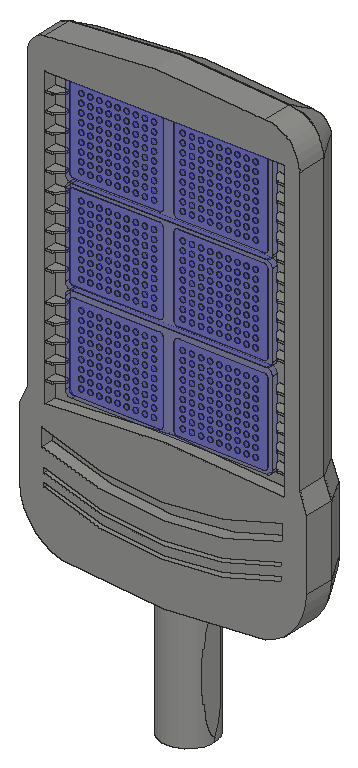
Revit family "VP-3-MAF", category Lighting Fixtures, host Face, Revit 2019 (continued)
Definition of nested family "SIZE3-MAF"
  Forms (in)
    Extrusion 49, void
      sketch origin (0, 0, 3.625) x (1, 0, 0) y (0, 0, 1)
        loop
          arc (6.73035, 7.45243) -> (-0.06706, 6.16477) -> (-6.85535, 7.49972) r 18.25
      from 1 to 1.75
    Blend 50, solid, material <- "Fixture"
      base sketch origin (0, 0, 0) x (1, 0, 0) y (0, 0, 1)
        loop
          arc (-6.75192, 33.95884) -> (-7.48558, 33.52919) -> (-7.77472, 32.72966) r 1.25
          line (-7.77472, 32.72966) -> (-7.77472, 15.72202) -> (-8.18, 14.67799) -> (-8.18, 10.64521)
          arc (-8.18, 10.64521) -> (-7.52407, 8.68733) -> (-5.82104, 7.51974) r 3.25
          arc (-5.82104, 7.51974) -> (-2.92086, 7.15165) -> (0, 7.02866) r 34.74571
          arc (0, 7.02866) -> (2.92086, 7.15165) -> (5.82104, 7.51974) r 34.74571
          arc (5.82104, 7.51974) -> (7.52407, 8.68733) -> (8.18, 10.64521) r 3.25
          line (8.18, 10.64521) -> (8.18, 14.67799) -> (7.7425, 15.80502) -> (7.7425, 32.05879)
          arc (7.7425, 32.05879) -> (7.16964, 33.45997) -> (5.77922, 34.05846) r 2
          arc (5.77922, 34.05846) -> (-0.48981, 34.44343) -> (-6.75192, 33.95884) r 45.36519
      top sketch origin (0, 0, 0) x (1, 0, 0) y (0, 0, 1)
        loop
          arc (5.71398, 33.05839) -> (-0.43659, 33.4438) -> (-6.58122, 32.97319) r 44.36519
          arc (-6.58122, 32.97319) -> (-6.72046, 32.88519) -> (-6.77472, 32.72966) r 0.25
          line (-6.77472, 32.72966) -> (-6.77472, 15.53474) -> (-7.18, 14.49071) -> (-7.18, 10.64521)
          arc (-7.18, 10.64521) -> (-6.74089, 9.30985) -> (-5.59495, 8.49571) r 2.25
          arc (-5.59495, 8.49571) -> (-2.89422, 8.15301) -> (-0.17465, 8.02912) r 33.74571
          arc (-0.17465, 8.02912) -> (2.72017, 8.13848) -> (5.59495, 8.49571) r 33.74571
          arc (5.59495, 8.49571) -> (6.74089, 9.30985) -> (7.18, 10.64521) r 2.25
          line (7.18, 10.64521) -> (7.18, 14.49071) -> (6.7425, 15.61774) -> (6.7425, 32.05879)
          arc (6.7425, 32.05879) -> (6.43945, 32.77591) -> (5.71398, 33.05839) r 1
      from 0 to -1.74
    Extrusion 51, solid, material <- "Fixture"
      sketch origin (0, 0, 0) x (1, 0, 0) y (0, 1, 0)
        loop
          circle (0, 0) r 1.5
      from 0 to 8
    Extrusion 52, void
      sketch origin (0, 0, 1.25) x (1, 0, 0) y (0, 0, 1)
        loop
          arc (-1.54404, -1.4532) -> (-1.33574, 2.31764) -> (-1.54404, 6.08847) r 34.2354
          line (-1.54404, 6.08847) -> (-1.54404, -1.4532)
        loop
          line (1.54404, -1.4532) -> (1.54404, 6.08847)
          arc (1.54404, 6.08847) -> (1.33574, 2.31764) -> (1.54404, -1.4532) r 34.2354
      from -0.74694 to 0.66769
  Cuts and joins
    Extrusion 3, Extrusion 49 cuts Extrusion 2
    Extrusion 52 cuts Extrusion 51
  Dimensions and locks (in)
    equal spacing: plane 4, plane 3 "Center (Left/Right)", plane 5
    "Width": plane 4 to plane 5
    "Length": plane 7 to plane 6
    "Mount Length": plane 6 to plane 2
    aligned and locked: plane 2 to Extrusion 1
    aligned and locked: level to Extrusion 1
    aligned and locked: plane 1 "Center (Front/Back)" to Blend 50
  Automatic sketch dimensions
    Extrusion 1 sketch curve to Extrusion 1 sketch curve = 96.00"  (x2)
    Extrusion 2 sketch curve to plane 3 "Center (Left/Right)" = 0.00"
    Extrusion 2 sketch curve to plane 3 "Center (Left/Right)" = 0.12919"
    plane 5 to Extrusion 2 sketch curve = 3.125"
    plane 5 to Extrusion 2 sketch curve = 1.53028"
    plane 5 to Extrusion 2 sketch curve = 0.28028"
    Extrusion 2 sketch curve to plane 5 = 0.125"
    Extrusion 2 sketch curve to plane 4 = 3.125"
    Extrusion 2 sketch curve to plane 4 = 2.3125"
    Extrusion 2 sketch curve to plane 4 = 0.3125"
    plane 4 to Extrusion 2 sketch curve = 0.125"
    Extrusion 2 sketch curve to level = 10.92033"
    plane 6 to Extrusion 2 sketch curve = 3.14521"
    Extrusion 2 sketch curve to Extrusion 2 sketch curve = 0.00"
    Extrusion 2 sketch curve to Extrusion 2 sketch curve = 4.03278"  (x2)
    Extrusion 2 sketch curve to Extrusion 2 sketch curve = 1.04403"
    Extrusion 2 sketch curve to Extrusion 2 sketch curve = 1.12703"
    Extrusion 2 sketch curve to plane 7 = 2.41121"
    Extrusion 2 sketch curve to Extrusion 2 sketch curve = 0.67087"
    plane 7 to Extrusion 2 sketch curve = 7.30438"
    plane 6 to Extrusion 2 sketch curve = 0.01974"
    Extrusion 2 sketch curve to plane 7 = 0.51116"
    plane 5 to Extrusion 3 sketch curve = 1.27892"
    plane 3 "Center (Left/Right)" to Extrusion 3 sketch curve = 0.06506"
    Extrusion 3 sketch curve to plane 4 = 1.125"
    Extrusion 3 sketch curve to level = 39.4018"
    plane 6 to Extrusion 3 sketch curve = 7.63674"
    Extrusion 3 sketch curve to plane 7 = 2.31818"
    plane 5 to Extrusion 4 sketch curve = 2.15013"
    Extrusion 4 sketch curve to Extrusion 4 sketch curve = 0.35"  (x3)
    Extrusion 4 sketch curve to plane 4 = 2.50013"  (x2)
    Extrusion 4 sketch curve to plane 7 = 7.81818"
    Extrusion 4 sketch curve to plane 7 = 2.66818"
    plane 5 to Extrusion 5 sketch curve = 3.08171"
    Extrusion 5 sketch curve to Extrusion 5 sketch curve = 0.00"  (x61)
    Extrusion 5 sketch curve to Extrusion 5 sketch curve = 0.51875"  (x27)
    Extrusion 5 sketch curve to plane 7 = 7.01806"
    Extrusion 5 sketch curve to Extrusion 5 sketch curve = 0.50"  (x72)
    plane 5 to Extrusion 6 sketch curve = 2.39345"
    Extrusion 6 sketch curve to Extrusion 6 sketch curve = 0.25"  (x3)
    Extrusion 6 sketch curve to plane 3 "Center (Left/Right)" = 0.54655"  (x2)
    Extrusion 6 sketch curve to plane 7 = 7.5141"
    Extrusion 6 sketch curve to plane 7 = 2.7641"
    Extrusion 7 sketch curve to plane 4 = 1.99807"
    Extrusion 7 sketch curve to plane 8 = 0.46661"
    Extrusion 7 sketch curve to Extrusion 7 sketch curve = 0.02618"
    Extrusion 7 sketch curve to Extrusion 7 sketch curve = 0.1119"
    Extrusion 7 sketch curve to plane 8 = 0.03691"
    Extrusion 7 sketch curve to Extrusion 7 sketch curve = 0.36056"
    Extrusion 7 sketch curve to plane 8 = 0.00781"
    Extrusion 7 sketch curve to Extrusion 7 sketch curve = 0.06241"
    Extrusion 7 sketch curve to Extrusion 7 sketch curve = 0.42393"
    Extrusion 7 sketch curve to Extrusion 7 sketch curve = 0.73219"
    plane 4 to Extrusion 8 sketch curve = 3.08171"
    Extrusion 8 sketch curve to Extrusion 8 sketch curve = 0.00"  (x61)
    Extrusion 8 sketch curve to Extrusion 8 sketch curve = 0.51875"  (x27)
    plane 7 to Extrusion 8 sketch curve = 7.01806"
    Extrusion 8 sketch curve to Extrusion 8 sketch curve = 0.50"  (x72)
    plane 4 to Extrusion 9 sketch curve = 2.39345"
    Extrusion 9 sketch curve to Extrusion 9 sketch curve = 0.25"  (x3)
    Extrusion 9 sketch curve to plane 3 "Center (Left/Right)" = 0.54655"  (x2)
    plane 7 to Extrusion 9 sketch curve = 7.5141"
    plane 7 to Extrusion 9 sketch curve = 2.7641"
    plane 5 to Extrusion 10 sketch curve = 2.15013"
    Extrusion 10 sketch curve to Extrusion 10 sketch curve = 0.35"  (x3)
    Extrusion 10 sketch curve to plane 4 = 2.50013"  (x2)
    Extrusion 10 sketch curve to plane 7 = 13.31818"
    Extrusion 10 sketch curve to Extrusion 10 sketch curve = 4.80"
    plane 5 to Extrusion 11 sketch curve = 3.08171"
    Extrusion 11 sketch curve to Extrusion 11 sketch curve = 0.00"  (x61)
    Extrusion 11 sketch curve to Extrusion 11 sketch curve = 0.51875"  (x27)
    Extrusion 11 sketch curve to plane 7 = 12.51806"
    Extrusion 11 sketch curve to Extrusion 11 sketch curve = 0.50"  (x72)
    plane 5 to Extrusion 12 sketch curve = 2.39345"
    Extrusion 12 sketch curve to Extrusion 12 sketch curve = 0.25"  (x3)
    Extrusion 12 sketch curve to plane 3 "Center (Left/Right)" = 0.54655"  (x2)
    Extrusion 12 sketch curve to plane 7 = 13.0141"
    Extrusion 12 sketch curve to Extrusion 12 sketch curve = 4.50"
    plane 4 to Extrusion 13 sketch curve = 3.08171"
    Extrusion 13 sketch curve to Extrusion 13 sketch curve = 0.00"  (x61)
    Extrusion 13 sketch curve to Extrusion 13 sketch curve = 0.51875"  (x27)
    plane 7 to Extrusion 13 sketch curve = 12.51806"
    Extrusion 13 sketch curve to Extrusion 13 sketch curve = 0.50"  (x72)
    plane 4 to Extrusion 14 sketch curve = 2.39345"
    Extrusion 14 sketch curve to Extrusion 14 sketch curve = 0.25"  (x3)
    Extrusion 14 sketch curve to plane 3 "Center (Left/Right)" = 0.54655"  (x2)
    plane 7 to Extrusion 14 sketch curve = 13.0141"
    Extrusion 14 sketch curve to Extrusion 14 sketch curve = 4.50"
    Extrusion 15 sketch curve to plane 5 = 2.15013"
    Extrusion 15 sketch curve to Extrusion 15 sketch curve = 0.35"  (x3)
    plane 4 to Extrusion 15 sketch curve = 2.50013"  (x2)
    plane 7 to Extrusion 15 sketch curve = 13.31818"
    Extrusion 15 sketch curve to Extrusion 15 sketch curve = 4.80"
    Extrusion 16 sketch curve to plane 5 = 3.08171"
    Extrusion 16 sketch curve to Extrusion 16 sketch curve = 0.00"  (x61)
    Extrusion 16 sketch curve to Extrusion 16 sketch curve = 0.51875"  (x27)
    Extrusion 16 sketch curve to plane 6 = 12.8517"
    Extrusion 16 sketch curve to Extrusion 16 sketch curve = 0.50"  (x72)
    Extrusion 17 sketch curve to plane 5 = 2.39345"
    Extrusion 17 sketch curve to Extrusion 17 sketch curve = 0.25"  (x3)
    plane 3 "Center (Left/Right)" to Extrusion 17 sketch curve = 0.54655"  (x2)
    Extrusion 17 sketch curve to plane 6 = 13.34775"
    Extrusion 17 sketch curve to Extrusion 17 sketch curve = 4.50"
    Extrusion 18 sketch curve to plane 4 = 3.08171"
    Extrusion 18 sketch curve to Extrusion 18 sketch curve = 0.00"  (x61)
    Extrusion 18 sketch curve to Extrusion 18 sketch curve = 0.51875"  (x27)
    plane 6 to Extrusion 18 sketch curve = 12.8517"
    Extrusion 18 sketch curve to Extrusion 18 sketch curve = 0.50"  (x72)
    Extrusion 19 sketch curve to plane 4 = 2.39345"
    Extrusion 19 sketch curve to Extrusion 19 sketch curve = 0.25"  (x3)
    plane 3 "Center (Left/Right)" to Extrusion 19 sketch curve = 0.54655"  (x2)
    plane 6 to Extrusion 19 sketch curve = 13.34775"
    Extrusion 19 sketch curve to Extrusion 19 sketch curve = 4.50"
    Extrusion 20 sketch curve to plane 4 = 1.99807"
    Extrusion 20 sketch curve to plane 8 = 0.46661"
    Extrusion 20 sketch curve to Extrusion 20 sketch curve = 0.02618"
    Extrusion 20 sketch curve to Extrusion 20 sketch curve = 0.1119"
    Extrusion 20 sketch curve to plane 8 = 0.03691"
    Extrusion 20 sketch curve to Extrusion 20 sketch curve = 0.36056"
    Extrusion 20 sketch curve to plane 8 = 0.00781"
    Extrusion 20 sketch curve to Extrusion 20 sketch curve = 0.06241"
    Extrusion 20 sketch curve to Extrusion 20 sketch curve = 0.42393"
    Extrusion 20 sketch curve to Extrusion 20 sketch curve = 0.73219"
    Extrusion 21 sketch curve to plane 4 = 1.99807"
    Extrusion 21 sketch curve to plane 8 = 0.46661"
    Extrusion 21 sketch curve to Extrusion 21 sketch curve = 0.02618"
    Extrusion 21 sketch curve to Extrusion 21 sketch curve = 0.1119"
    Extrusion 21 sketch curve to plane 8 = 0.03691"
    Extrusion 21 sketch curve to Extrusion 21 sketch curve = 0.36056"
    Extrusion 21 sketch curve to plane 8 = 0.00781"
    Extrusion 21 sketch curve to Extrusion 21 sketch curve = 0.06241"
    Extrusion 21 sketch curve to Extrusion 21 sketch curve = 0.42393"
    Extrusion 21 sketch curve to Extrusion 21 sketch curve = 0.73219"
    Extrusion 22 sketch curve to plane 4 = 1.99807"
    Extrusion 22 sketch curve to plane 8 = 0.46661"
    Extrusion 22 sketch curve to Extrusion 22 sketch curve = 0.02618"
    Extrusion 22 sketch curve to Extrusion 22 sketch curve = 0.1119"
    Extrusion 22 sketch curve to plane 8 = 0.03691"
    Extrusion 22 sketch curve to Extrusion 22 sketch curve = 0.36056"
    Extrusion 22 sketch curve to plane 8 = 0.00781"
    Extrusion 22 sketch curve to Extrusion 22 sketch curve = 0.06241"
    Extrusion 22 sketch curve to Extrusion 22 sketch curve = 0.42393"
    Extrusion 22 sketch curve to Extrusion 22 sketch curve = 0.73219"
    Extrusion 23 sketch curve to plane 4 = 1.99807"
    Extrusion 23 sketch curve to plane 8 = 0.46661"
    Extrusion 23 sketch curve to Extrusion 23 sketch curve = 0.02618"
    Extrusion 23 sketch curve to Extrusion 23 sketch curve = 0.1119"
    Extrusion 23 sketch curve to plane 8 = 0.03691"
    Extrusion 23 sketch curve to Extrusion 23 sketch curve = 0.36056"
    Extrusion 23 sketch curve to plane 8 = 0.00781"
    Extrusion 23 sketch curve to Extrusion 23 sketch curve = 0.06241"
    Extrusion 23 sketch curve to Extrusion 23 sketch curve = 0.42393"
    Extrusion 23 sketch curve to Extrusion 23 sketch curve = 0.73219"
    Extrusion 24 sketch curve to plane 4 = 1.99807"
    Extrusion 24 sketch curve to plane 8 = 0.46661"
    Extrusion 24 sketch curve to Extrusion 24 sketch curve = 0.02618"
    Extrusion 24 sketch curve to Extrusion 24 sketch curve = 0.1119"
    Extrusion 24 sketch curve to plane 8 = 0.03691"
    Extrusion 24 sketch curve to Extrusion 24 sketch curve = 0.36056"
    Extrusion 24 sketch curve to plane 8 = 0.00781"
    Extrusion 24 sketch curve to Extrusion 24 sketch curve = 0.06241"
    Extrusion 24 sketch curve to Extrusion 24 sketch curve = 0.42393"
    Extrusion 24 sketch curve to Extrusion 24 sketch curve = 0.73219"
    Extrusion 25 sketch curve to plane 4 = 1.99807"
    Extrusion 25 sketch curve to plane 8 = 0.46661"
    Extrusion 25 sketch curve to Extrusion 25 sketch curve = 0.02618"
    Extrusion 25 sketch curve to Extrusion 25 sketch curve = 0.1119"
    Extrusion 25 sketch curve to plane 8 = 0.03691"
    Extrusion 25 sketch curve to Extrusion 25 sketch curve = 0.36056"
    Extrusion 25 sketch curve to plane 8 = 0.00781"
    Extrusion 25 sketch curve to Extrusion 25 sketch curve = 0.06241"
    Extrusion 25 sketch curve to Extrusion 25 sketch curve = 0.42393"
    Extrusion 25 sketch curve to Extrusion 25 sketch curve = 0.73219"
    Extrusion 26 sketch curve to plane 4 = 1.99807"
    Extrusion 26 sketch curve to plane 8 = 0.46661"
    Extrusion 26 sketch curve to Extrusion 26 sketch curve = 0.02618"
    Extrusion 26 sketch curve to Extrusion 26 sketch curve = 0.1119"
    Extrusion 26 sketch curve to plane 8 = 0.03691"
    Extrusion 26 sketch curve to Extrusion 26 sketch curve = 0.36056"
    Extrusion 26 sketch curve to plane 8 = 0.00781"
    Extrusion 26 sketch curve to Extrusion 26 sketch curve = 0.06241"
    Extrusion 26 sketch curve to Extrusion 26 sketch curve = 0.42393"
    Extrusion 26 sketch curve to Extrusion 26 sketch curve = 0.73219"
    Extrusion 27 sketch curve to plane 4 = 1.99807"
    Extrusion 27 sketch curve to plane 8 = 0.46661"
    Extrusion 27 sketch curve to Extrusion 27 sketch curve = 0.02618"
    Extrusion 27 sketch curve to Extrusion 27 sketch curve = 0.1119"
    Extrusion 27 sketch curve to plane 8 = 0.03691"
    Extrusion 27 sketch curve to Extrusion 27 sketch curve = 0.36056"
    Extrusion 27 sketch curve to plane 8 = 0.00781"
    Extrusion 27 sketch curve to Extrusion 27 sketch curve = 0.06241"
    Extrusion 27 sketch curve to Extrusion 27 sketch curve = 0.42393"
    Extrusion 27 sketch curve to Extrusion 27 sketch curve = 0.73219"
    Extrusion 28 sketch curve to plane 4 = 1.99807"
    Extrusion 28 sketch curve to plane 8 = 0.46661"
    Extrusion 28 sketch curve to Extrusion 28 sketch curve = 0.02618"
    Extrusion 28 sketch curve to Extrusion 28 sketch curve = 0.1119"
    Extrusion 28 sketch curve to plane 8 = 0.03691"
    Extrusion 28 sketch curve to Extrusion 28 sketch curve = 0.36056"
    Extrusion 28 sketch curve to plane 8 = 0.00781"
    Extrusion 28 sketch curve to Extrusion 28 sketch curve = 0.06241"
    Extrusion 28 sketch curve to Extrusion 28 sketch curve = 0.42393"
    Extrusion 28 sketch curve to Extrusion 28 sketch curve = 0.73219"
    Extrusion 29 sketch curve to plane 4 = 1.99807"
    Extrusion 29 sketch curve to plane 8 = 0.46661"
    Extrusion 29 sketch curve to Extrusion 29 sketch curve = 0.02618"
    Extrusion 29 sketch curve to Extrusion 29 sketch curve = 0.1119"
    Extrusion 29 sketch curve to plane 8 = 0.03691"
    Extrusion 29 sketch curve to Extrusion 29 sketch curve = 0.36056"
    Extrusion 29 sketch curve to plane 8 = 0.00781"
    Extrusion 29 sketch curve to Extrusion 29 sketch curve = 0.06241"
    Extrusion 29 sketch curve to Extrusion 29 sketch curve = 0.42393"
    Extrusion 29 sketch curve to Extrusion 29 sketch curve = 0.73219"
    Extrusion 30 sketch curve to plane 4 = 1.99807"
    Extrusion 30 sketch curve to plane 8 = 0.46661"
    Extrusion 30 sketch curve to Extrusion 30 sketch curve = 0.02618"
    Extrusion 30 sketch curve to Extrusion 30 sketch curve = 0.1119"
    Extrusion 30 sketch curve to plane 8 = 0.03691"
    Extrusion 30 sketch curve to Extrusion 30 sketch curve = 0.36056"
    Extrusion 30 sketch curve to plane 8 = 0.00781"
    Extrusion 30 sketch curve to Extrusion 30 sketch curve = 0.06241"
    Extrusion 30 sketch curve to Extrusion 30 sketch curve = 0.42393"
    Extrusion 30 sketch curve to Extrusion 30 sketch curve = 0.73219"
    Extrusion 31 sketch curve to plane 4 = 1.99807"
    Extrusion 31 sketch curve to plane 8 = 0.46661"
    Extrusion 31 sketch curve to Extrusion 31 sketch curve = 0.02618"
    Extrusion 31 sketch curve to Extrusion 31 sketch curve = 0.1119"
    Extrusion 31 sketch curve to plane 8 = 0.03691"
    Extrusion 31 sketch curve to Extrusion 31 sketch curve = 0.36056"
    Extrusion 31 sketch curve to plane 8 = 0.00781"
    Extrusion 31 sketch curve to Extrusion 31 sketch curve = 0.06241"
    Extrusion 31 sketch curve to Extrusion 31 sketch curve = 0.42393"
    Extrusion 31 sketch curve to Extrusion 31 sketch curve = 0.73219"
    Extrusion 32 sketch curve to plane 4 = 1.99807"
    Extrusion 32 sketch curve to plane 8 = 0.46661"
    Extrusion 32 sketch curve to Extrusion 32 sketch curve = 0.02618"
    Extrusion 32 sketch curve to Extrusion 32 sketch curve = 0.1119"
    Extrusion 32 sketch curve to plane 8 = 0.03691"
    Extrusion 32 sketch curve to Extrusion 32 sketch curve = 0.36056"
    Extrusion 32 sketch curve to plane 8 = 0.00781"
    Extrusion 32 sketch curve to Extrusion 32 sketch curve = 0.06241"
    Extrusion 32 sketch curve to Extrusion 32 sketch curve = 0.42393"
    Extrusion 32 sketch curve to Extrusion 32 sketch curve = 0.73219"
    Extrusion 33 sketch curve to plane 4 = 1.99807"
    Extrusion 33 sketch curve to plane 8 = 0.46661"
    Extrusion 33 sketch curve to Extrusion 33 sketch curve = 0.02618"
    Extrusion 33 sketch curve to Extrusion 33 sketch curve = 0.1119"
    Extrusion 33 sketch curve to plane 8 = 0.03691"
    Extrusion 33 sketch curve to Extrusion 33 sketch curve = 0.36056"
    Extrusion 33 sketch curve to plane 8 = 0.00781"
    Extrusion 33 sketch curve to Extrusion 33 sketch curve = 0.06241"
    Extrusion 33 sketch curve to Extrusion 33 sketch curve = 0.42393"
    Extrusion 33 sketch curve to Extrusion 33 sketch curve = 0.73219"
    plane 5 to Extrusion 34 sketch curve = 2.1387"
    Extrusion 34 sketch curve to plane 8 = 0.46661"
    Extrusion 34 sketch curve to Extrusion 34 sketch curve = 0.02618"
    Extrusion 34 sketch curve to Extrusion 34 sketch curve = 0.1119"
    Extrusion 34 sketch curve to plane 8 = 0.03691"
    Extrusion 34 sketch curve to Extrusion 34 sketch curve = 0.36056"
    Extrusion 34 sketch curve to plane 8 = 0.00781"
    Extrusion 34 sketch curve to Extrusion 34 sketch curve = 0.06241"
    Extrusion 34 sketch curve to Extrusion 34 sketch curve = 0.42393"
    Extrusion 34 sketch curve to Extrusion 34 sketch curve = 0.20146"
    plane 5 to Extrusion 35 sketch curve = 2.1387"
    Extrusion 35 sketch curve to plane 8 = 0.46661"
    Extrusion 35 sketch curve to Extrusion 35 sketch curve = 0.02618"
    Extrusion 35 sketch curve to Extrusion 35 sketch curve = 0.1119"
    Extrusion 35 sketch curve to plane 8 = 0.03691"
    Extrusion 35 sketch curve to Extrusion 35 sketch curve = 0.36056"
    Extrusion 35 sketch curve to plane 8 = 0.00781"
    Extrusion 35 sketch curve to Extrusion 35 sketch curve = 0.06241"
    Extrusion 35 sketch curve to Extrusion 35 sketch curve = 0.42393"
    Extrusion 35 sketch curve to Extrusion 35 sketch curve = 0.20146"
    plane 5 to Extrusion 36 sketch curve = 2.1387"
    Extrusion 36 sketch curve to plane 8 = 0.46661"
    Extrusion 36 sketch curve to Extrusion 36 sketch curve = 0.02618"
    Extrusion 36 sketch curve to Extrusion 36 sketch curve = 0.1119"
    Extrusion 36 sketch curve to plane 8 = 0.03691"
    Extrusion 36 sketch curve to Extrusion 36 sketch curve = 0.36056"
    Extrusion 36 sketch curve to plane 8 = 0.00781"
    Extrusion 36 sketch curve to Extrusion 36 sketch curve = 0.06241"
    Extrusion 36 sketch curve to Extrusion 36 sketch curve = 0.42393"
    Extrusion 36 sketch curve to Extrusion 36 sketch curve = 0.20146"
    plane 5 to Extrusion 37 sketch curve = 2.1387"
    Extrusion 37 sketch curve to plane 8 = 0.46661"
    Extrusion 37 sketch curve to Extrusion 37 sketch curve = 0.02618"
    Extrusion 37 sketch curve to Extrusion 37 sketch curve = 0.1119"
    Extrusion 37 sketch curve to plane 8 = 0.03691"
    Extrusion 37 sketch curve to Extrusion 37 sketch curve = 0.36056"
    Extrusion 37 sketch curve to plane 8 = 0.00781"
    Extrusion 37 sketch curve to Extrusion 37 sketch curve = 0.06241"
    Extrusion 37 sketch curve to Extrusion 37 sketch curve = 0.42393"
    Extrusion 37 sketch curve to Extrusion 37 sketch curve = 0.20146"
    plane 5 to Extrusion 38 sketch curve = 2.1387"
    Extrusion 38 sketch curve to plane 8 = 0.46661"
    Extrusion 38 sketch curve to Extrusion 38 sketch curve = 0.02618"
    Extrusion 38 sketch curve to Extrusion 38 sketch curve = 0.1119"
    Extrusion 38 sketch curve to plane 8 = 0.03691"
    Extrusion 38 sketch curve to Extrusion 38 sketch curve = 0.36056"
    Extrusion 38 sketch curve to plane 8 = 0.00781"
    Extrusion 38 sketch curve to Extrusion 38 sketch curve = 0.06241"
    Extrusion 38 sketch curve to Extrusion 38 sketch curve = 0.42393"
    Extrusion 38 sketch curve to Extrusion 38 sketch curve = 0.20146"
    plane 5 to Extrusion 39 sketch curve = 2.1387"
    Extrusion 39 sketch curve to plane 8 = 0.46661"
    Extrusion 39 sketch curve to Extrusion 39 sketch curve = 0.02618"
    Extrusion 39 sketch curve to Extrusion 39 sketch curve = 0.1119"
    Extrusion 39 sketch curve to plane 8 = 0.03691"
    Extrusion 39 sketch curve to Extrusion 39 sketch curve = 0.36056"
    Extrusion 39 sketch curve to plane 8 = 0.00781"
    Extrusion 39 sketch curve to Extrusion 39 sketch curve = 0.06241"
    Extrusion 39 sketch curve to Extrusion 39 sketch curve = 0.42393"
    Extrusion 39 sketch curve to Extrusion 39 sketch curve = 0.20146"
    plane 5 to Extrusion 40 sketch curve = 2.1387"
    Extrusion 40 sketch curve to plane 8 = 0.46661"
    Extrusion 40 sketch curve to Extrusion 40 sketch curve = 0.02618"
    Extrusion 40 sketch curve to Extrusion 40 sketch curve = 0.1119"
    Extrusion 40 sketch curve to plane 8 = 0.03691"
    Extrusion 40 sketch curve to Extrusion 40 sketch curve = 0.36056"
    Extrusion 40 sketch curve to plane 8 = 0.00781"
    Extrusion 40 sketch curve to Extrusion 40 sketch curve = 0.06241"
    Extrusion 40 sketch curve to Extrusion 40 sketch curve = 0.42393"
    Extrusion 40 sketch curve to Extrusion 40 sketch curve = 0.20146"
    plane 5 to Extrusion 41 sketch curve = 2.1387"
    Extrusion 41 sketch curve to plane 8 = 0.46661"
    Extrusion 41 sketch curve to Extrusion 41 sketch curve = 0.02618"
    Extrusion 41 sketch curve to Extrusion 41 sketch curve = 0.1119"
    Extrusion 41 sketch curve to plane 8 = 0.03691"
    Extrusion 41 sketch curve to Extrusion 41 sketch curve = 0.36056"
    Extrusion 41 sketch curve to plane 8 = 0.00781"
    Extrusion 41 sketch curve to Extrusion 41 sketch curve = 0.06241"
    Extrusion 41 sketch curve to Extrusion 41 sketch curve = 0.42393"
    Extrusion 41 sketch curve to Extrusion 41 sketch curve = 0.20146"
    plane 5 to Extrusion 42 sketch curve = 2.1387"
    Extrusion 42 sketch curve to plane 8 = 0.46661"
    Extrusion 42 sketch curve to Extrusion 42 sketch curve = 0.02618"
    Extrusion 42 sketch curve to Extrusion 42 sketch curve = 0.1119"
    Extrusion 42 sketch curve to plane 8 = 0.03691"
    Extrusion 42 sketch curve to Extrusion 42 sketch curve = 0.36056"
    Extrusion 42 sketch curve to plane 8 = 0.00781"
    Extrusion 42 sketch curve to Extrusion 42 sketch curve = 0.06241"
    Extrusion 42 sketch curve to Extrusion 42 sketch curve = 0.42393"
    Extrusion 42 sketch curve to Extrusion 42 sketch curve = 0.20146"
    plane 5 to Extrusion 43 sketch curve = 2.1387"
    Extrusion 43 sketch curve to plane 8 = 0.46661"
    Extrusion 43 sketch curve to Extrusion 43 sketch curve = 0.02618"
    Extrusion 43 sketch curve to Extrusion 43 sketch curve = 0.1119"
    Extrusion 43 sketch curve to plane 8 = 0.03691"
    Extrusion 43 sketch curve to Extrusion 43 sketch curve = 0.36056"
    Extrusion 43 sketch curve to plane 8 = 0.00781"
    Extrusion 43 sketch curve to Extrusion 43 sketch curve = 0.06241"
    Extrusion 43 sketch curve to Extrusion 43 sketch curve = 0.42393"
    Extrusion 43 sketch curve to Extrusion 43 sketch curve = 0.20146"
    plane 5 to Extrusion 44 sketch curve = 2.1387"
    Extrusion 44 sketch curve to plane 8 = 0.46661"
    Extrusion 44 sketch curve to Extrusion 44 sketch curve = 0.02618"
    Extrusion 44 sketch curve to Extrusion 44 sketch curve = 0.1119"
    Extrusion 44 sketch curve to plane 8 = 0.03691"
    Extrusion 44 sketch curve to Extrusion 44 sketch curve = 0.36056"
    Extrusion 44 sketch curve to plane 8 = 0.00781"
    Extrusion 44 sketch curve to Extrusion 44 sketch curve = 0.06241"
    Extrusion 44 sketch curve to Extrusion 44 sketch curve = 0.42393"
    Extrusion 44 sketch curve to Extrusion 44 sketch curve = 0.20146"
    plane 5 to Extrusion 45 sketch curve = 2.1387"
    Extrusion 45 sketch curve to plane 8 = 0.46661"
    Extrusion 45 sketch curve to Extrusion 45 sketch curve = 0.02618"
    Extrusion 45 sketch curve to Extrusion 45 sketch curve = 0.1119"
    Extrusion 45 sketch curve to plane 8 = 0.03691"
    Extrusion 45 sketch curve to Extrusion 45 sketch curve = 0.36056"
    Extrusion 45 sketch curve to plane 8 = 0.00781"
    Extrusion 45 sketch curve to Extrusion 45 sketch curve = 0.06241"
    Extrusion 45 sketch curve to Extrusion 45 sketch curve = 0.42393"
    Extrusion 45 sketch curve to Extrusion 45 sketch curve = 0.20146"
    plane 5 to Extrusion 46 sketch curve = 2.1387"
    Extrusion 46 sketch curve to plane 8 = 0.46661"
    Extrusion 46 sketch curve to Extrusion 46 sketch curve = 0.02618"
    Extrusion 46 sketch curve to Extrusion 46 sketch curve = 0.1119"
    Extrusion 46 sketch curve to plane 8 = 0.03691"
    Extrusion 46 sketch curve to Extrusion 46 sketch curve = 0.36056"
    Extrusion 46 sketch curve to plane 8 = 0.00781"
    Extrusion 46 sketch curve to Extrusion 46 sketch curve = 0.06241"
    Extrusion 46 sketch curve to Extrusion 46 sketch curve = 0.42393"
    Extrusion 46 sketch curve to Extrusion 46 sketch curve = 0.20146"
    plane 5 to Extrusion 47 sketch curve = 2.1387"
    Extrusion 47 sketch curve to plane 8 = 0.46661"
    Extrusion 47 sketch curve to Extrusion 47 sketch curve = 0.02618"
    Extrusion 47 sketch curve to Extrusion 47 sketch curve = 0.1119"
    Extrusion 47 sketch curve to plane 8 = 0.03691"
    Extrusion 47 sketch curve to Extrusion 47 sketch curve = 0.36056"
    Extrusion 47 sketch curve to plane 8 = 0.00781"
    Extrusion 47 sketch curve to Extrusion 47 sketch curve = 0.06241"
    Extrusion 47 sketch curve to Extrusion 47 sketch curve = 0.42393"
    Extrusion 47 sketch curve to Extrusion 47 sketch curve = 0.20146"
    plane 5 to Extrusion 48 sketch curve = 2.1387"
    Extrusion 48 sketch curve to plane 8 = 0.46661"
    Extrusion 48 sketch curve to Extrusion 48 sketch curve = 0.02618"
    Extrusion 48 sketch curve to Extrusion 48 sketch curve = 0.1119"
    Extrusion 48 sketch curve to plane 8 = 0.03691"
    Extrusion 48 sketch curve to Extrusion 48 sketch curve = 0.36056"
    Extrusion 48 sketch curve to plane 8 = 0.00781"
    Extrusion 48 sketch curve to Extrusion 48 sketch curve = 0.06241"
    Extrusion 48 sketch curve to Extrusion 48 sketch curve = 0.42393"
    Extrusion 48 sketch curve to Extrusion 48 sketch curve = 0.20146"
    plane 5 to Extrusion 49 sketch curve = 1.10793"
    Extrusion 49 sketch curve to Extrusion 49 sketch curve = 0.09172"
    Extrusion 49 sketch curve to Extrusion 49 sketch curve = 0.00"  (x2)
    Extrusion 49 sketch curve to plane 3 "Center (Left/Right)" = 0.00354"  (x6)
    Extrusion 49 sketch curve to plane 4 = 1.32465"
    Extrusion 49 sketch curve to Extrusion 49 sketch curve = 0.08465"
    plane 6 to Extrusion 49 sketch curve = 3.35354"
    level to Extrusion 49 sketch curve = 10.80595"
    Extrusion 49 sketch curve to Extrusion 49 sketch curve = 0.27118"  (x2)
    Extrusion 49 sketch curve to Extrusion 49 sketch curve = 0.27147"  (x2)
    Extrusion 49 sketch curve to Extrusion 49 sketch curve = 0.47882"
    Extrusion 49 sketch curve to Extrusion 49 sketch curve = 0.47853"
    Extrusion 49 sketch curve to Extrusion 49 sketch curve = 1.01649"
    Extrusion 49 sketch curve to Extrusion 49 sketch curve = 1.00"  (x2)
    Extrusion 49 sketch curve to Extrusion 49 sketch curve = 0.875"
    Blend 50 sketch curve to Blend 50 sketch curve = 0.00"  (x3)
    Blend 50 sketch curve to plane 3 "Center (Left/Right)" = 0.00"  (x2)
    Blend 50 sketch curve to plane 3 "Center (Left/Right)" = 0.12919"  (x2)
    plane 5 to Blend 50 sketch curve = 3.125"
    plane 5 to Blend 50 sketch curve = 1.53028"  (x2)
    plane 5 to Blend 50 sketch curve = 0.28028"
    Blend 50 sketch curve to plane 5 = 0.125"
    Blend 50 sketch curve to plane 4 = 3.125"
    Blend 50 sketch curve to plane 4 = 2.3125"  (x2)
    Blend 50 sketch curve to plane 4 = 0.3125"
    plane 4 to Blend 50 sketch curve = 0.125"
    Blend 50 sketch curve to level = 10.92033"  (x2)
    Blend 50 sketch curve to Blend 50 sketch curve = 4.03278"  (x2)
    Blend 50 sketch curve to Blend 50 sketch curve = 1.04403"  (x2)
    Blend 50 sketch curve to Blend 50 sketch curve = 1.12703"  (x2)
    Blend 50 sketch curve to plane 7 = 2.41121"  (x2)
    Blend 50 sketch curve to Blend 50 sketch curve = 0.67087"  (x2)
    Blend 50 sketch curve to plane 7 = 0.51116"
    plane 6 to Blend 50 sketch curve = 3.14521"  (x2)
    plane 6 to Blend 50 sketch curve = 0.01974"  (x2)
    Blend 50 sketch curve to plane 6 = 0.47134"
    Blend 50 sketch curve to Blend 50 sketch curve = 0.25"
    plane 5 to Blend 50 sketch curve = 0.875"
    Blend 50 sketch curve to Blend 50 sketch curve = 1.00"
    Blend 50 sketch curve to plane 4 = 0.875"
    Blend 50 sketch curve to Blend 50 sketch curve = 3.8455"  (x2)
    Blend 50 sketch curve to Blend 50 sketch curve = 0.0565"
    Blend 50 sketch curve to Blend 50 sketch curve = 2.25"  (x2)
    plane 6 to Blend 50 sketch curve = 0.99571"  (x2)
    plane 6 to Blend 50 sketch curve = 0.52912"
    Blend 50 sketch curve to plane 3 "Center (Left/Right)" = 0.17465"
    plane 1 "Center (Front/Back)" to Extrusion 51 sketch curve = 0.00"
    Extrusion 51 sketch curve to plane 3 "Center (Left/Right)" = 0.00"
    level to Extrusion 52 sketch curve = 3.56764"  (x2)
    Extrusion 52 sketch curve to plane 5 = 27.51614"
    Extrusion 52 sketch curve to plane 6 = 0.16153"
    Extrusion 52 sketch curve to plane 3 "Center (Left/Right)" = 1.54404"
    Extrusion 52 sketch curve to level = 0.2032"
    plane 3 "Center (Left/Right)" to Extrusion 52 sketch curve = 1.54404"
    plane 4 to Extrusion 52 sketch curve = 27.51614"
    radius of Extrusion 5 sketch curve = 0.15"  (x81)
    radius of Extrusion 8 sketch curve = 0.15"  (x81)
    radius of Extrusion 11 sketch curve = 0.15"  (x81)
    radius of Extrusion 13 sketch curve = 0.15"  (x81)
    radius of Extrusion 16 sketch curve = 0.15"  (x81)
    radius of Extrusion 18 sketch curve = 0.15"  (x81)
    radius of Extrusion 51 sketch curve = 1.50"
